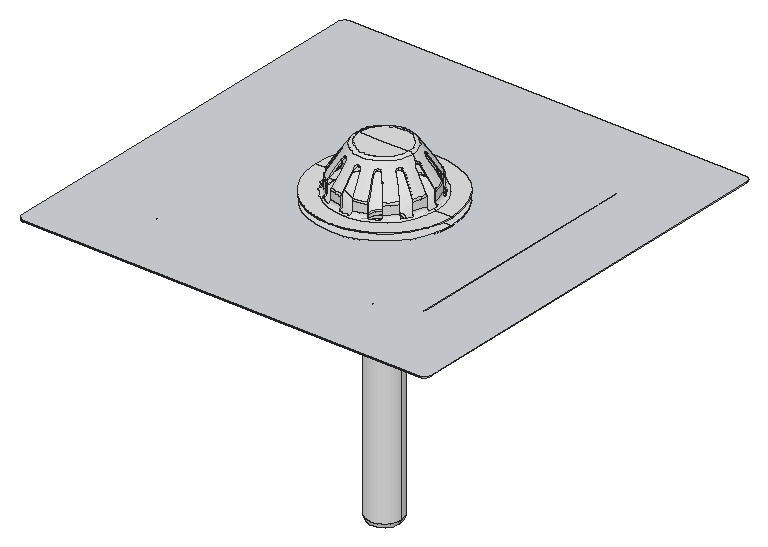
Revit family "Blucher_PlumbingFixture_GravityRoofDrain_403.10a", category Plumbing Fixtures, host Face, Revit 2017
Family settings
  Host = Face
  Round Connector Dimension = Use Diameter
  Part Type = Normal
  OmniClass Number = 23.70.50.21.24
  OmniClass Title = Waste Water Drains
  Cut with Voids When Loaded = No
  Shared = No
  Room Calculation Point = No
Parameters (values of type "50mm")
  _BSBibleVersion = 15
  _DistributedBy = "www.bimstore.co.uk"
  _CurrentRevision = 1
  _CreatedBy = "www.bimstore.co.uk"
  _BimSpecGuid = 0
  _Author = "Ian Holmes"
  WarrantyStartDate [instance] = "Please record on commissioning."
  WarrantyGuarantorParts = "mail@blucher.com"
  WarrantyGuarantorLabor = "n/a"
  WarrantyDurationUnit = "Years"
  WarrantyDurationParts = "n/a"
  WarrantyDurationLabor = "n/a"
  WarrantyDescription = "n/a"
  URL = "http://www.blucher.com/"
  TypeName = Type Comments  # "403.050"
  Type Comments = "403.050"
  PressureDrop [instance] = 0.0 Pa
  PipeMinimumHeight [instance] = PipeMaximumHeight - PipeAdjustment  # 195 mm
  PipeMaximumHeight [instance] = if(PipeLength495, 495 mm, 695 mm)  # 495 mm
  PipeLength695 [instance] = not(PipeLength495)  # no
  PipeLength495 [instance] = yes
  PipeAdjustment = 300 mm  # constant formula
  MembrainThickness [instance] = 0.8 mm
  MembrainMaterial [instance] = none
  Membrain = yes
  HeightConstraint [instance] = if(HeightAdjustment < PipeMinimumHeight, PipeMinimumHeight, if(HeightAdjustment > PipeMaximumHeight, PipeMaximumHeight, HeightAdjustment))  # 495 mm
  HeightAdjustment [instance] = 495 mm
  Flow_Sewer [instance] = 0.0 L/s
  Flow [instance] = 0.0 L/s
  DrainMaterial = Blucher_Stainless Steel
  Description = "Roof drain with flange for bitumen and pre-mounted bitumen collar."
  SpareParts = "n/a"
  Size = "400mm x 400mm x 50mm"
  Shape = "Rectangular"
  SerialNumber [instance] = "Please record on commissioning."
  ReplacementCost = "n/a"
  ReferencedStandard = "EN1253"
  ProductionYear = "2017"
  NominalLength = 400 mm
  NominalHeight [instance] = HeightConstraint  # 495 mm
  NominalDepth = 400 mm
  NBSReference = "90-10-20/302"
  NBSOfficeMasterTag = "n/a"
  NBSObjectName = "BLÜCHER - Gravity rainwater outlets"
  NBSNote = ""
  NBSDescription = "Gravity rainwater outlets"
  ModelReference = Model  # "BLÜCHER Gravity Roof Drain"
  ModelNumber [instance] = if(and(PipeLength495, D = 50 mm), "403.104.050", if(and(PipeLength495, D = 75 mm), "403.104.075", if(and(PipeLength495, D = 110 mm), "403.104.110", if(and(PipeLength695, D = 50 mm), "403.106.050", if(and(PipeLength695, D = 75 mm), "403.106.075", if(and(PipeLength695, D = 110 mm), "403.106.110", "n/a"))))))  # "403.104.050"
  Model = "BLÜCHER Gravity Roof Drain"
  Material = "Available in Stainless Steel AISI 304 & Stainless Steel AISI 316L"
  ManufacturerName = "BLÜCHER"
  Manufacturer = "BLÜCHER"
  Keynote = "R10"
  InstallationDate [instance] = "Please record on commissioning."
  IfcExportType = "IfcWasteTerminalTypeEnum.FLOORWASTE"
  IfcExportAs = "IfcFlowTerminal"
  Grade = "AISI 304/EN 1.4301 or AISI 316L/EN 1.4404"
  Finish = "2B - Pickled"
  Features = "n/a"
  ExpectedLife = 50
  DurationUnit = "Years"
  DocumentationTechnical = "https://www.bimstore.co/products/roof-drain-gravity-403-10/document/technical-data-sheet"
  DocumentationMaintenance = "https://www.bimstore.co/products/roof-drain-gravity-403-10/document/maintenance-information"
  DocumentationLiterature = "https://www.bimstore.co/products/roof-drain-gravity-403-10/document/product-literature"
  DocumentationInstallationGuide = "https://www.bimstore.co/products/roof-drain-gravity-403-10/document/installation-guide"
  DocumentationCertificates = "https://www.bimstore.co/products/roof-drain-gravity-403-10/document/product-certificates"
  Default Elevation = 1219.2 mm
  D = 50 mm
  CreatedOn = "2017-11-07-T00:00:00"
  CreatedBy = "mail@blucher.com"
  Constituents = "n/a"
  Color = "Stainless Steel"
  CodePerformance = "n/a"
  ClassificationValue = "Pr_65_50_35_37"
  ClassificationName = "Uniclass2015"
  BarCode [instance] = "Please record on commissioning."
  BIMObjectName = "Blucher_PlumbingFixture_GravityRoofDrain_403.10"
  AssetType = "Fixed"
  AssetIdentifier [instance] = "Please record on commissioning."
  Assembly Code = "D2040200"
  AccessibilityPerformance = "n/a"
Types (4, lengths in mm): name | TypeName | Type Comments | Size | ModelNumber | D
  (no name) | "403.050" | "403.050" | "400mm x 400mm x 50mm" | "403.104.050" | 50
  50mm | "403.050" | "403.050" | "400mm x 400mm x 50mm" | "403.104.050" | 50
  75mm | "403.075" | "403.075" | "400mm x 400mm x 75mm" | "403.104.075" | 75
  110mm | "403.110" | "403.110" | "400mm x 400mm x 75mm" | "403.104.075" | 75
Reference planes
  plane 1 "Center (Front/Back)": y = 0
  plane 2: z = 0
  plane 3 "Center (Left/Right)": x = 0
  plane 4: z = 12
  plane 5: z = -418
  plane 6: z = 77
  plane 7: z = -30
  plane 8: z = 1
Forms (mm)
  Extrusion 1, void
    sketch origin (0, 0, 0) x (1, 0, 0) y (0, 1, 0)
      loop
        circle (0, 0) r 100
    from -418 to 77
Lines and regions (mm)
  reference lines
    curve 1: line (0, 0, 0) -> (0, 0, -418)
Dimensions and locks
  locked: plane 4 to plane 2 at 12
  locked: plane 6 to plane 4 at 65
  "HeightConstraint": plane 6 to plane 5
  locked: plane 2 to plane 7 at 30
  locked: plane 8 to plane 2 at 1
  aligned and locked: plane 2 to host face
  aligned and locked: level to host face
  aligned and locked: plane 1 "Center (Front/Back)" to nested 2
  aligned and locked: plane 3 "Center (Left/Right)" to nested 2
  aligned and locked: plane 3 "Center (Left/Right)" to nested 3
  aligned and locked: plane 1 "Center (Front/Back)" to nested 3
  aligned and locked: plane 1 "Center (Front/Back)" to nested 4
  aligned and locked: plane 3 "Center (Left/Right)" to nested 4
  aligned and locked: nested 4 to plane 5
  aligned and locked: plane 1 "Center (Front/Back)" to nested 5
  aligned and locked: plane 3 "Center (Left/Right)" to nested 5
  aligned and locked: plane 6 to Extrusion 1
  aligned and locked: Extrusion 1 to plane 5
  aligned and locked: plane 5 to curve 1
  aligned and locked: plane 2 to curve 1
  aligned and locked: curve 1 to plane 3 "Center (Left/Right)"
Automatic sketch dimensions
  host sketch curve to host sketch curve = 2438.4 mm  (x2)
  plane 1 "Center (Front/Back)" to Extrusion 1 sketch curve = 0 mm
  Extrusion 1 sketch curve to plane 3 "Center (Left/Right)" = 0 mm
  radius of Extrusion 1 sketch curve = 100 mm
Nested families
  nested 1: "WaterTraps_NotVisable" at (-1080.773, -1219.2, -89.9) x (1, 0, 0) z (0, -1, 0), type "WaterTraps_NotVisable"
  nested 2: "Flange_401.004" at (0, 0, 1), Membrain <- "Membrain", MembrainMaterial <- "MembrainMaterial", MembrainThickness <- "MembrainThickness", type "Flange_401.004"
    with MembrainThickness 0.8 mm, MembrainMaterial none, Membrain yes
  nested 3: "LeafGuard_400.000.001" at (0, 0, 12), type "LeafGuard_400.000.001"
  nested 4: "Pipe" at (0, 0, -30), NominalDiameter <- "D", type "Pipe"
    with TopOffset 3 mm, SocketExternalDiameter 53 mm, NominalDiameter 50 mm, Lip 10 mm, HeadLength 47 mm, H 388 mm
  nested 5: "SiphonicPlate_400.000.100" at (0, 0, 1), D <- "D", type "SiphonicPlate_400.000.100"
    with D 50 mm
Connectors
  piping at (0, 0, -418), diameter 50, driven by "D", driven by "Flow", driven by "PressureDrop"
    settings: on curve 1, index 1, connector inside diameter 609.6 mm, connector length 0 mm, flow factor 0, pipe flow 0.0 L/s, pressure drop 0.0 Pa, fitting loss kfactor 0, connector angle 0.00°, fixture units 0, engagement length 0 mm, angle of deflection 0.00°, flow configuration 2, flow direction 2, fitting loss method 4, system type 16, joint type 0, gender type 0, connector reference index -1, connector utility 0, adjustable connector yes, is connector primary yes, connector description ""
Definition of nested family "Flange_401.004"
  Parameters (values of type "Flange_401.004")
    PlateMaterial = none
    MembrainThickness [instance] = 0.8 mm
    MembrainMaterial [instance] = none
    Membrain [instance] = yes
    Default Elevation = 0 mm
  Reference planes
    plane 1 "Center (Front/Back)": y = 0
    plane 2: z = 0
    plane 3 "Center (Left/Right)": x = 0
    plane 4: z = 0.8
  Forms (mm)
    Extrusion 1, solid
      sketch origin (0, 0, 0) x (1, 0, 0) y (0, 1, 0)
        loop
          line (-1219.2, 1219.2) -> (-1219.2, -1219.2) -> (1219.2, -1219.2) -> (1219.2, 1219.2) -> (-1219.2, 1219.2)
      from 0 to -304.8
    Extrusion 2, solid, material <- "PlateMaterial"
      sketch origin (0, 0, 0) x (1, 0, 0) y (0, 1, 0)
        loop
          line (-200, 172.929) -> (-200, -172.929)
          arc (-200, -172.929) -> (-199.619, -174.842) -> (-198.536, -176.464) r 5
          line (-198.536, -176.464) -> (-176.464, -198.536)
          arc (-176.464, -198.536) -> (-174.842, -199.619) -> (-172.929, -200) r 5
          line (-172.929, -200) -> (172.929, -200)
          arc (172.929, -200) -> (174.842, -199.619) -> (176.464, -198.536) r 5
          line (176.464, -198.536) -> (198.536, -176.464)
          arc (198.536, -176.464) -> (199.619, -174.842) -> (200, -172.929) r 5
          line (200, -172.929) -> (200, 172.929)
          arc (200, 172.929) -> (199.619, 174.842) -> (198.536, 176.464) r 5
          line (198.536, 176.464) -> (176.464, 198.536)
          arc (176.464, 198.536) -> (174.842, 199.619) -> (172.929, 200) r 5
          line (172.929, 200) -> (-172.929, 200)
          arc (-172.929, 200) -> (-174.842, 199.619) -> (-176.464, 198.536) r 5
          line (-176.464, 198.536) -> (-198.536, 176.464)
          arc (-198.536, 176.464) -> (-199.619, 174.842) -> (-200, 172.929) r 5
        loop
          circle (0, 0) r 100
      from -1 to 0
    Extrusion 3, solid, material <- "MembrainMaterial", visible <- "Membrain"
      sketch origin (0, 0, 0) x (1, 0, 0) y (0, 1, 0)
        loop
          line (290, 300) -> (-290, 300)
          arc (-290, 300) -> (-297.071, 297.071) -> (-300, 290) r 10
          line (-300, 290) -> (-300, -290)
          arc (-300, -290) -> (-297.071, -297.071) -> (-290, -300) r 10
          line (-290, -300) -> (290, -300)
          arc (290, -300) -> (297.071, -297.071) -> (300, -290) r 10
          line (300, -290) -> (300, 290)
          arc (300, 290) -> (297.071, 297.071) -> (290, 300) r 10
        loop
          circle (0, 0) r 100
      from 0 to 0.8
  Dimensions and locks
    "MembrainThickness": plane 4 to plane 2
    aligned and locked: plane 2 to Extrusion 1
    aligned and locked: level to Extrusion 1
    aligned and locked: Extrusion 3 to plane 4
  Automatic sketch dimensions
    Extrusion 1 sketch curve to Extrusion 1 sketch curve = 2438.4 mm  (x2)
    plane 1 "Center (Front/Back)" to Extrusion 2 sketch curve = 0 mm
    Extrusion 2 sketch curve to plane 3 "Center (Left/Right)" = 0 mm
    Extrusion 2 sketch curve to Extrusion 2 sketch curve = 3.536 mm  (x10)
    Extrusion 2 sketch curve to Extrusion 2 sketch curve = 1.464 mm  (x3)
    plane 1 "Center (Front/Back)" to Extrusion 3 sketch curve = 0 mm
    Extrusion 3 sketch curve to plane 3 "Center (Left/Right)" = 0 mm
    Extrusion 3 sketch curve to Extrusion 3 sketch curve = 10 mm  (x3)
    Extrusion 3 sketch curve to plane 3 "Center (Left/Right)" = 290 mm
    plane 3 "Center (Left/Right)" to Extrusion 3 sketch curve = 290 mm  (x2)
    plane 1 "Center (Front/Back)" to Extrusion 3 sketch curve = 290 mm
    Extrusion 3 sketch curve to plane 1 "Center (Front/Back)" = 290 mm
    Extrusion 2 sketch curve to Extrusion 2 sketch curve = 22.071 mm  (x5)
    Extrusion 2 sketch curve to Extrusion 2 sketch curve = 5 mm  (x2)
    Extrusion 2 sketch curve to Extrusion 2 sketch curve = 27.071 mm
    Extrusion 2 sketch curve to plane 3 "Center (Left/Right)" = 172.929 mm
    Extrusion 2 sketch curve to Extrusion 2 sketch curve = 25.607 mm
    plane 3 "Center (Left/Right)" to Extrusion 2 sketch curve = 172.929 mm  (x2)
    plane 1 "Center (Front/Back)" to Extrusion 2 sketch curve = 172.929 mm  (x2)
    Extrusion 2 sketch curve to plane 1 "Center (Front/Back)" = 172.929 mm
    radius of Extrusion 2 sketch curve = 100 mm
    radius of Extrusion 3 sketch curve = 100 mm
Definition of nested family "LeafGuard_400.000.001"
  Parameters (values of type "LeafGuard_400.000.001")
    LeafGuardMaterial = none
    Default Elevation = 0 mm
  Reference planes
    plane 1 "Center (Front/Back)": y = 0
    plane 2: z = 0
    plane 3 "Center (Left/Right)": x = 0
  Forms (mm)
    Extrusion 1, solid
      sketch origin (0, 0, 0) x (1, 0, 0) y (0, 1, 0)
        loop
          line (-1219.2, 1219.2) -> (-1219.2, -1219.2) -> (1219.2, -1219.2) -> (1219.2, 1219.2) -> (-1219.2, 1219.2)
      from 0 to -304.8
    Revolve 2, solid, material <- "LeafGuardMaterial"
      sketch origin (0, 0, -12) x (1, 0, 0) y (0, 0, 1)
        loop
          arc (-75.403, 12) -> (-70.468, 14.379) -> (-68.467, 19.479) r 7.5
          line (-68.467, 19.479) -> (-68.467, 31.783)
          arc (-68.467, 31.783) -> (-68.287, 32.969) -> (-67.763, 34.048) r 4
          line (-67.763, 34.048) -> (-40.571, 73.615)
          arc (-40.571, 73.615) -> (-38.599, 75.367) -> (-36.038, 76) r 5.5
          line (-36.038, 76) -> (0, 76) -> (0, 77) -> (-36.038, 77)
          arc (-36.038, 77) -> (-39.064, 76.252) -> (-41.395, 74.182) r 6.5
          line (-41.395, 74.182) -> (-68.588, 34.615)
          arc (-68.588, 34.615) -> (-69.242, 33.265) -> (-69.467, 31.783) r 5
          line (-69.467, 31.783) -> (-69.467, 19.479)
          arc (-69.467, 19.479) -> (-71.371, 14.883) -> (-75.967, 12.979) r 6.5
          line (-75.967, 12.979) -> (-100, 12.979) -> (-100, 12) -> (-75.403, 12)
        axis (0, 77) -> (0, 12)
      angle from 0 to 360
    Extrusion 3, void
      sketch origin (0, 0, 0) x (1, 0, 0) y (0, 1, 0)
        loop
          arc (5.168, -50.096) -> (4.044, -47.956) -> (1.893, -46.854) r 4
          arc (1.893, -46.854) -> (0.008, -46.696) -> (-1.877, -46.851) r 11.414
          arc (-1.877, -46.851) -> (-4.04, -47.957) -> (-5.17, -50.107) r 4.015
          line (-5.17, -50.107) -> (-8.432, -68.403)
          arc (-8.432, -68.403) -> (-8.548, -69.278) -> (-8.587, -70.159) r 10
          line (-8.587, -70.159) -> (-8.587, -71.277)
          arc (-8.587, -71.277) -> (-8.264, -72.113) -> (-7.463, -72.516) r 1.245
          arc (-7.463, -72.516) -> (0, -72.878) -> (7.464, -72.515) r 77.106
          arc (7.464, -72.515) -> (8.265, -72.113) -> (8.587, -71.277) r 1.244
          line (8.587, -71.277) -> (8.587, -70.159)
          arc (8.587, -70.159) -> (8.548, -69.278) -> (8.432, -68.403) r 10
          line (8.432, -68.403) -> (5.168, -50.096)
      from 1 to 71.093
    Extrusion 4, void
      sketch origin (0, 0, 0) x (0, -1, 0) y (1, 0, 0)
        loop
          line (5.168, 50.096) -> (8.432, 68.403)
          arc (8.432, 68.403) -> (8.548, 69.278) -> (8.587, 70.159) r 10
          line (8.587, 70.159) -> (8.587, 71.277)
          arc (8.587, 71.277) -> (8.265, 72.113) -> (7.464, 72.515) r 1.244
          arc (7.464, 72.515) -> (0, 72.878) -> (-7.463, 72.516) r 77.106
          arc (-7.463, 72.516) -> (-8.264, 72.113) -> (-8.587, 71.277) r 1.245
          line (-8.587, 71.277) -> (-8.587, 70.159)
          arc (-8.587, 70.159) -> (-8.548, 69.278) -> (-8.432, 68.403) r 10
          line (-8.432, 68.403) -> (-5.17, 50.107)
          arc (-5.17, 50.107) -> (-4.04, 47.957) -> (-1.877, 46.851) r 4.015
          arc (-1.877, 46.851) -> (0.008, 46.696) -> (1.893, 46.854) r 11.414
          arc (1.893, 46.854) -> (4.044, 47.956) -> (5.168, 50.096) r 4
      from 1 to 71.093
    Extrusion 5, void
      sketch origin (0, 0, 0) x (0, -1, 0) y (1, 0, 0)
        loop
          arc (5.168, -50.096) -> (4.044, -47.956) -> (1.893, -46.854) r 4
          arc (1.893, -46.854) -> (0.008, -46.696) -> (-1.877, -46.851) r 11.414
          arc (-1.877, -46.851) -> (-4.04, -47.957) -> (-5.17, -50.107) r 4.015
          line (-5.17, -50.107) -> (-8.432, -68.403)
          arc (-8.432, -68.403) -> (-8.548, -69.278) -> (-8.587, -70.159) r 10
          line (-8.587, -70.159) -> (-8.587, -71.277)
          arc (-8.587, -71.277) -> (-8.264, -72.113) -> (-7.463, -72.516) r 1.245
          arc (-7.463, -72.516) -> (0, -72.878) -> (7.464, -72.515) r 77.106
          arc (7.464, -72.515) -> (8.265, -72.113) -> (8.587, -71.277) r 1.244
          line (8.587, -71.277) -> (8.587, -70.159)
          arc (8.587, -70.159) -> (8.548, -69.278) -> (8.432, -68.403) r 10
          line (8.432, -68.403) -> (5.168, -50.096)
      from 1 to 71.093
    Extrusion 6, void
      sketch origin (0, 0, 0) x (1, 0, 0) y (0, 1, 0)
        loop
          line (5.168, 50.096) -> (8.432, 68.403)
          arc (8.432, 68.403) -> (8.548, 69.278) -> (8.587, 70.159) r 10
          line (8.587, 70.159) -> (8.587, 71.277)
          arc (8.587, 71.277) -> (8.265, 72.113) -> (7.464, 72.515) r 1.244
          arc (7.464, 72.515) -> (0, 72.878) -> (-7.463, 72.516) r 77.106
          arc (-7.463, 72.516) -> (-8.264, 72.113) -> (-8.587, 71.277) r 1.245
          line (-8.587, 71.277) -> (-8.587, 70.159)
          arc (-8.587, 70.159) -> (-8.548, 69.278) -> (-8.432, 68.403) r 10
          line (-8.432, 68.403) -> (-5.17, 50.107)
          arc (-5.17, 50.107) -> (-4.04, 47.957) -> (-1.877, 46.851) r 4.015
          arc (-1.877, 46.851) -> (0.008, 46.696) -> (1.893, 46.854) r 11.414
          arc (1.893, 46.854) -> (4.044, 47.956) -> (5.168, 50.096) r 4
      from 1 to 71.093
    Extrusion 7, void
      sketch origin (0, 0, 0) x (-0.5, 0.866025, 0) y (-0.866025, -0.5, 0)
        loop
          line (5.168, 50.096) -> (8.432, 68.403)
          arc (8.432, 68.403) -> (8.548, 69.278) -> (8.587, 70.159) r 10
          line (8.587, 70.159) -> (8.587, 71.277)
          arc (8.587, 71.277) -> (8.265, 72.113) -> (7.464, 72.515) r 1.244
          arc (7.464, 72.515) -> (0, 72.878) -> (-7.463, 72.516) r 77.106
          arc (-7.463, 72.516) -> (-8.264, 72.113) -> (-8.587, 71.277) r 1.245
          line (-8.587, 71.277) -> (-8.587, 70.159)
          arc (-8.587, 70.159) -> (-8.548, 69.278) -> (-8.432, 68.403) r 10
          line (-8.432, 68.403) -> (-5.17, 50.107)
          arc (-5.17, 50.107) -> (-4.04, 47.957) -> (-1.877, 46.851) r 4.015
          arc (-1.877, 46.851) -> (0.008, 46.696) -> (1.893, 46.854) r 11.414
          arc (1.893, 46.854) -> (4.044, 47.956) -> (5.168, 50.096) r 4
      from 1 to 71.093
    Extrusion 8, void
      sketch origin (0, 0, 0) x (-0.5, 0.866025, 0) y (-0.866025, -0.5, 0)
        loop
          arc (5.168, -50.096) -> (4.044, -47.956) -> (1.893, -46.854) r 4
          arc (1.893, -46.854) -> (0.008, -46.696) -> (-1.877, -46.851) r 11.414
          arc (-1.877, -46.851) -> (-4.04, -47.957) -> (-5.17, -50.107) r 4.015
          line (-5.17, -50.107) -> (-8.432, -68.403)
          arc (-8.432, -68.403) -> (-8.548, -69.278) -> (-8.587, -70.159) r 10
          line (-8.587, -70.159) -> (-8.587, -71.277)
          arc (-8.587, -71.277) -> (-8.264, -72.113) -> (-7.463, -72.516) r 1.245
          arc (-7.463, -72.516) -> (0, -72.878) -> (7.464, -72.515) r 77.106
          arc (7.464, -72.515) -> (8.265, -72.113) -> (8.587, -71.277) r 1.244
          line (8.587, -71.277) -> (8.587, -70.159)
          arc (8.587, -70.159) -> (8.548, -69.278) -> (8.432, -68.403) r 10
          line (8.432, -68.403) -> (5.168, -50.096)
      from 1 to 71.093
    Extrusion 9, void
      sketch origin (0, 0, 0) x (-0.5, -0.866025, 0) y (0.866025, -0.5, 0)
        loop
          arc (5.168, -50.096) -> (4.044, -47.956) -> (1.893, -46.854) r 4
          arc (1.893, -46.854) -> (0.008, -46.696) -> (-1.877, -46.851) r 11.414
          arc (-1.877, -46.851) -> (-4.04, -47.957) -> (-5.17, -50.107) r 4.015
          line (-5.17, -50.107) -> (-8.432, -68.403)
          arc (-8.432, -68.403) -> (-8.548, -69.278) -> (-8.587, -70.159) r 10
          line (-8.587, -70.159) -> (-8.587, -71.277)
          arc (-8.587, -71.277) -> (-8.264, -72.113) -> (-7.463, -72.516) r 1.245
          arc (-7.463, -72.516) -> (0, -72.878) -> (7.464, -72.515) r 77.106
          arc (7.464, -72.515) -> (8.265, -72.113) -> (8.587, -71.277) r 1.244
          line (8.587, -71.277) -> (8.587, -70.159)
          arc (8.587, -70.159) -> (8.548, -69.278) -> (8.432, -68.403) r 10
          line (8.432, -68.403) -> (5.168, -50.096)
      from 1 to 71.093
    Extrusion 10, void
      sketch origin (0, 0, 0) x (-0.5, -0.866025, 0) y (0.866025, -0.5, 0)
        loop
          line (5.168, 50.096) -> (8.432, 68.403)
          arc (8.432, 68.403) -> (8.548, 69.278) -> (8.587, 70.159) r 10
          line (8.587, 70.159) -> (8.587, 71.277)
          arc (8.587, 71.277) -> (8.265, 72.113) -> (7.464, 72.515) r 1.244
          arc (7.464, 72.515) -> (0, 72.878) -> (-7.463, 72.516) r 77.106
          arc (-7.463, 72.516) -> (-8.264, 72.113) -> (-8.587, 71.277) r 1.245
          line (-8.587, 71.277) -> (-8.587, 70.159)
          arc (-8.587, 70.159) -> (-8.548, 69.278) -> (-8.432, 68.403) r 10
          line (-8.432, 68.403) -> (-5.17, 50.107)
          arc (-5.17, 50.107) -> (-4.04, 47.957) -> (-1.877, 46.851) r 4.015
          arc (-1.877, 46.851) -> (0.008, 46.696) -> (1.893, 46.854) r 11.414
          arc (1.893, 46.854) -> (4.044, 47.956) -> (5.168, 50.096) r 4
      from 1 to 71.093
    Extrusion 11, void
      sketch origin (0, 0, 0) x (-0.866025, 0.5, 0) y (-0.5, -0.866025, 0)
        loop
          line (5.168, 50.096) -> (8.432, 68.403)
          arc (8.432, 68.403) -> (8.548, 69.278) -> (8.587, 70.159) r 10
          line (8.587, 70.159) -> (8.587, 71.277)
          arc (8.587, 71.277) -> (8.265, 72.113) -> (7.464, 72.515) r 1.244
          arc (7.464, 72.515) -> (0, 72.878) -> (-7.463, 72.516) r 77.106
          arc (-7.463, 72.516) -> (-8.264, 72.113) -> (-8.587, 71.277) r 1.245
          line (-8.587, 71.277) -> (-8.587, 70.159)
          arc (-8.587, 70.159) -> (-8.548, 69.278) -> (-8.432, 68.403) r 10
          line (-8.432, 68.403) -> (-5.17, 50.107)
          arc (-5.17, 50.107) -> (-4.04, 47.957) -> (-1.877, 46.851) r 4.015
          arc (-1.877, 46.851) -> (0.008, 46.696) -> (1.893, 46.854) r 11.414
          arc (1.893, 46.854) -> (4.044, 47.956) -> (5.168, 50.096) r 4
      from 1 to 71.093
    Extrusion 12, void
      sketch origin (0, 0, 0) x (-0.866025, 0.5, 0) y (-0.5, -0.866025, 0)
        loop
          arc (5.168, -50.096) -> (4.044, -47.956) -> (1.893, -46.854) r 4
          arc (1.893, -46.854) -> (0.008, -46.696) -> (-1.877, -46.851) r 11.414
          arc (-1.877, -46.851) -> (-4.04, -47.957) -> (-5.17, -50.107) r 4.015
          line (-5.17, -50.107) -> (-8.432, -68.403)
          arc (-8.432, -68.403) -> (-8.548, -69.278) -> (-8.587, -70.159) r 10
          line (-8.587, -70.159) -> (-8.587, -71.277)
          arc (-8.587, -71.277) -> (-8.264, -72.113) -> (-7.463, -72.516) r 1.245
          arc (-7.463, -72.516) -> (0, -72.878) -> (7.464, -72.515) r 77.106
          arc (7.464, -72.515) -> (8.265, -72.113) -> (8.587, -71.277) r 1.244
          line (8.587, -71.277) -> (8.587, -70.159)
          arc (8.587, -70.159) -> (8.548, -69.278) -> (8.432, -68.403) r 10
          line (8.432, -68.403) -> (5.168, -50.096)
      from 1 to 71.093
    Extrusion 13, void
      sketch origin (0, 0, 0) x (0.866025, 0.5, 0) y (-0.5, 0.866025, 0)
        loop
          arc (5.168, -50.096) -> (4.044, -47.956) -> (1.893, -46.854) r 4
          arc (1.893, -46.854) -> (0.008, -46.696) -> (-1.877, -46.851) r 11.414
          arc (-1.877, -46.851) -> (-4.04, -47.957) -> (-5.17, -50.107) r 4.015
          line (-5.17, -50.107) -> (-8.432, -68.403)
          arc (-8.432, -68.403) -> (-8.548, -69.278) -> (-8.587, -70.159) r 10
          line (-8.587, -70.159) -> (-8.587, -71.277)
          arc (-8.587, -71.277) -> (-8.264, -72.113) -> (-7.463, -72.516) r 1.245
          arc (-7.463, -72.516) -> (0, -72.878) -> (7.464, -72.515) r 77.106
          arc (7.464, -72.515) -> (8.265, -72.113) -> (8.587, -71.277) r 1.244
          line (8.587, -71.277) -> (8.587, -70.159)
          arc (8.587, -70.159) -> (8.548, -69.278) -> (8.432, -68.403) r 10
          line (8.432, -68.403) -> (5.168, -50.096)
      from 1 to 71.093
    Extrusion 14, void
      sketch origin (0, 0, 0) x (0.866025, 0.5, 0) y (-0.5, 0.866025, 0)
        loop
          line (5.168, 50.096) -> (8.432, 68.403)
          arc (8.432, 68.403) -> (8.548, 69.278) -> (8.587, 70.159) r 10
          line (8.587, 70.159) -> (8.587, 71.277)
          arc (8.587, 71.277) -> (8.265, 72.113) -> (7.464, 72.515) r 1.244
          arc (7.464, 72.515) -> (0, 72.878) -> (-7.463, 72.516) r 77.106
          arc (-7.463, 72.516) -> (-8.264, 72.113) -> (-8.587, 71.277) r 1.245
          line (-8.587, 71.277) -> (-8.587, 70.159)
          arc (-8.587, 70.159) -> (-8.548, 69.278) -> (-8.432, 68.403) r 10
          line (-8.432, 68.403) -> (-5.17, 50.107)
          arc (-5.17, 50.107) -> (-4.04, 47.957) -> (-1.877, 46.851) r 4.015
          arc (-1.877, 46.851) -> (0.008, 46.696) -> (1.893, 46.854) r 11.414
          arc (1.893, 46.854) -> (4.044, 47.956) -> (5.168, 50.096) r 4
      from 1 to 71.093
  Cuts and joins
    Extrusion 3, Extrusion 4, Extrusion 5, Extrusion 6, Extrusion 7, Extrusion 8, Extrusion 9, Extrusion 10, Extrusion 11, Extrusion 12, Extrusion 13, Extrusion 14 cuts Revolve 2
  Dimensions and locks
    aligned and locked: plane 2 to Extrusion 1
    aligned and locked: level to Extrusion 1
Definition of nested family "Pipe"
  Parameters (values of type "Pipe")
    TopOffset [instance] = if(NominalDiameter = 40 mm, 4 mm, if(NominalDiameter = 50 mm, 3 mm, if(NominalDiameter = 75 mm, 4 mm, 5 mm)))  # 4 mm
    T = 1 mm
    SocketExternalDiameter [instance] = NominalDiameter + 3 mm  # 43 mm
    PipeMaterial = none
    NominalDiameter [instance] = 40 mm
    Lip [instance] = if(NominalDiameter = 40 mm, 10 mm, if(NominalDiameter = 50 mm, 10 mm, if(NominalDiameter = 75 mm, 10.5 mm, 12 mm)))  # 10 mm
    HeadLength [instance] = if(NominalDiameter = 40 mm, 46 mm, if(NominalDiameter = 50 mm, 47 mm, if(NominalDiameter = 75 mm, 55 mm, 62 mm)))  # 46 mm
    H [instance] = 502 mm
    Default Elevation = 0 mm
  Reference planes
    plane 1 "Center (Front/Back)": y = 0
    plane 2: z = 0
    plane 3 "Center (Left/Right)": x = 0
    plane 4: z = -46
    plane 5: z = -40.816
    plane 6: z = -14
    plane 7: z = -4
    plane 8: z = -502
    plane 9: x = 20
    plane 10: x = 21.5
    plane 11: x = -21.5
    plane 12: x = -20
    plane 13: x = -20.5
    plane 14: x = 20.5
    plane 15: x = 19
    plane 16: x = -19
    plane 17: x = 26.5
    plane 18: x = 25.5
    plane 19: z = -13
    plane 20: z = -5
    plane 21: z = -496.506
    plane 22: x = 18.01
  Forms (mm)
    Extrusion 1, solid
      sketch origin (0, 0, 0) x (1, 0, 0) y (0, 1, 0)
        loop
          line (-1219.2, 1219.2) -> (-1219.2, -1219.2) -> (1219.2, -1219.2) -> (1219.2, 1219.2) -> (-1219.2, 1219.2)
      from 0 to -304.8
    Revolve 2, solid, material <- "PipeMaterial"
      sketch origin (0, 0, 0) x (1, 0, 0) y (0, 0, 1)
        loop
          line (21.5, 0) -> (20.5, 0) -> (20.5, -2.452)
          arc (20.5, -2.452) -> (21.246, -4.254) -> (23.048, -5) r 2.548
          line (23.048, -5) -> (24, -5)
          arc (24, -5) -> (25.061, -5.439) -> (25.5, -6.5) r 1.5
          line (25.5, -6.5) -> (25.5, -11.527)
          arc (25.5, -11.527) -> (25.069, -12.569) -> (24.027, -13) r 1.473
          line (24.027, -13) -> (23, -13)
          arc (23, -13) -> (21.232, -13.732) -> (20.5, -15.5) r 2.5
          line (20.5, -15.5) -> (20.5, -40.674) -> (19, -45.858) -> (19, -496.329) -> (17.062, -501.655) -> (18.01, -502) -> (20, -496.506) -> (20, -46) -> (21.5, -40.816) -> (21.5, -15.5)
          arc (21.5, -15.5) -> (21.939, -14.439) -> (23, -14) r 1.5
          line (23, -14) -> (24.027, -14)
          arc (24.027, -14) -> (25.776, -13.276) -> (26.5, -11.527) r 2.473
          line (26.5, -11.527) -> (26.5, -6.5)
          arc (26.5, -6.5) -> (25.768, -4.732) -> (24, -4) r 2.5
          line (24, -4) -> (23.048, -4)
          arc (23.048, -4) -> (21.953, -3.547) -> (21.5, -2.452) r 1.548
          line (21.5, -2.452) -> (21.5, 0)
        axis (0, 0) -> (0, -502)
      angle from 0 to 360
  Dimensions and locks
    locked: plane 5 to plane 4 at 5.184
    "TopOffset": plane 2 to plane 7
    "Lip": plane 7 to plane 6
    "HeadLength": plane 2 to plane 4
    "H": plane 2 to plane 8
    "SocketExternalDiameter": plane 11 to plane 10
    equal spacing: plane 10, plane 3 "Center (Left/Right)", plane 11
    equal spacing: plane 9, plane 3 "Center (Left/Right)", plane 12
    "NominalDiameter": plane 9 to plane 12
    "T": plane 13 to plane 11
    "T": plane 14 to plane 10
    "T": plane 15 to plane 9
    "T": plane 16 to plane 12
    "T": plane 18 to plane 17
    locked: plane 10 to plane 17 at 5
    "T": Revolve 2 sketch curve to Revolve 2 sketch curve
    "T": plane 19 to plane 6
    "T": plane 7 to plane 20
    locked: plane 21 to plane 8 at 5.494
    locked: plane 22 to plane 9 at 1.99
    radius of Revolve 2 sketch curve = 1.5 mm  (x2)
    radius of Revolve 2 sketch curve = 2.548 mm
    radius of Revolve 2 sketch curve = 1.548 mm
    radius of Revolve 2 sketch curve = 2.5 mm  (x2)
    radius of Revolve 2 sketch curve = 1.473 mm
    radius of Revolve 2 sketch curve = 2.473 mm
    locked: Revolve 2 sketch curve to plane 8 (angle 20.00°)
    aligned and locked: plane 2 to Extrusion 1
    aligned and locked: level to Extrusion 1
    aligned and locked: plane 10 to Revolve 2 sketch curve
    aligned and locked: plane 14 to Revolve 2 sketch curve
    aligned and locked: plane 2 to Revolve 2 sketch curve
    aligned and locked: Revolve 2 sketch curve to plane 18
    aligned and locked: Revolve 2 sketch curve to plane 17
    aligned and locked: Revolve 2 sketch curve to plane 10
    aligned and locked: Revolve 2 sketch curve to plane 14
    aligned and locked: plane 4 to Revolve 2 sketch curve
    aligned and locked: plane 5 to Revolve 2 sketch curve
    aligned and locked: plane 9 to Revolve 2 sketch curve
    aligned and locked: plane 20 to Revolve 2 sketch curve
    aligned and locked: plane 7 to Revolve 2 sketch curve
    aligned and locked: plane 19 to Revolve 2 sketch curve
    aligned and locked: plane 6 to Revolve 2 sketch curve
    aligned and locked: plane 22 to Revolve 2 sketch curve
    aligned and locked: plane 8 to Revolve 2 sketch curve
    aligned and locked: plane 21 to Revolve 2 sketch curve
  Automatic sketch dimensions
    Extrusion 1 sketch curve to Extrusion 1 sketch curve = 2438.4 mm  (x2)
    Revolve 2 sketch curve to plane 3 "Center (Left/Right)" = 0 mm
    plane 15 to Revolve 2 sketch curve = 0 mm
    Revolve 2 sketch curve to plane 8 = 0.345 mm
    Revolve 2 sketch curve to plane 5 = 4.752 mm
    Revolve 2 sketch curve to Revolve 2 sketch curve = 13.208 mm
Definition of nested family "SiphonicPlate_400.000.100"
  Parameters (values of type "SiphonicPlate_400.000.100")
    PlateMaterial = none
    Default Elevation = 0 mm
    D [instance] = 75 mm
  Reference planes
    plane 1 "Center (Front/Back)": y = 0
    plane 2: z = 0
    plane 3 "Center (Left/Right)": x = 0
    plane 4: x = -36.5
    plane 5: x = -37.5
    plane 6: x = 36.5
    plane 7: x = 37.5
    plane 8: z = -33
    plane 9: x = -73.177
    plane 10: x = -100
  Forms (mm)
    Extrusion 1, solid
      sketch origin (0, 0, 0) x (1, 0, 0) y (0, 1, 0)
        loop
          line (-1219.2, 1219.2) -> (-1219.2, -1219.2) -> (1219.2, -1219.2) -> (1219.2, 1219.2) -> (-1219.2, 1219.2)
      from 0 to -304.8
    Revolve 2, solid, material <- "PlateMaterial"
      sketch origin (0, 0, 0) x (1, 0, 0) y (0, 0, 1)
        loop
          line (-37.5, -33) -> (-36.5, -33) -> (-36.5, -21.916)
          arc (-36.5, -21.916) -> (-36.762, -20.94) -> (-37.476, -20.225) r 1.952
          line (-37.476, -20.225) -> (-71.927, -0.335)
          arc (-71.927, -0.335) -> (-72.53, -0.085) -> (-73.177, 0) r 2.5
          line (-73.177, 0) -> (-100, 0) -> (-100, -1) -> (-73.177, -1)
          arc (-73.177, -1) -> (-72.788, -1.051) -> (-72.427, -1.201) r 1.5
          line (-72.427, -1.201) -> (-37.976, -21.091)
          arc (-37.976, -21.091) -> (-37.628, -21.44) -> (-37.5, -21.916) r 0.952
          line (-37.5, -21.916) -> (-37.5, -33)
        axis (0, 0) -> (0, -33)
      angle from 0 to 360
  Dimensions and locks
    locked: plane 5 to plane 4 at 1
    locked: plane 7 to plane 6 at 1
    equal spacing: plane 5, plane 3 "Center (Left/Right)", plane 7
    "D": plane 5 to plane 7
    locked: plane 2 to plane 8 at 33
    locked: plane 3 "Center (Left/Right)" to plane 9 at 73.177
    locked: plane 9 to plane 10 at 26.823
    radius of Revolve 2 sketch curve = 0.952 mm
    radius of Revolve 2 sketch curve = 1.952 mm
    radius of Revolve 2 sketch curve = 1.5 mm
    radius of Revolve 2 sketch curve = 2.5 mm
    locked: Revolve 2 sketch curve to plane 8 (angle 30.00°)  (x2)
    aligned and locked: plane 2 to Extrusion 1
    aligned and locked: level to Extrusion 1
    aligned and locked: Revolve 2 sketch curve to plane 5
    aligned and locked: Revolve 2 sketch curve to plane 4
    aligned and locked: plane 9 to Revolve 2 sketch curve  (x2)
    aligned and locked: Revolve 2 sketch curve to plane 10
    aligned and locked: plane 8 to Revolve 2 sketch curve
  Automatic sketch dimensions
    Extrusion 1 sketch curve to Extrusion 1 sketch curve = 2438.4 mm  (x2)
    Revolve 2 sketch curve to Revolve 2 sketch curve = 0 mm
    Revolve 2 sketch curve to level = 0 mm
    Revolve 2 sketch curve to plane 3 "Center (Left/Right)" = 0 mm
    Revolve 2 sketch curve to Revolve 2 sketch curve = 0.476 mm
    Revolve 2 sketch curve to level = 0.335 mm
    Revolve 2 sketch curve to Revolve 2 sketch curve = 0.5 mm
    Revolve 2 sketch curve to plane 5 = 0.024 mm
    Revolve 2 sketch curve to Revolve 2 sketch curve = 1.735 mm
    Revolve 2 sketch curve to Revolve 2 sketch curve = 17.922 mm
Definition of nested family "WaterTraps_NotVisable"
  Parameters (values of type "WaterTraps_NotVisable")
    WaterTrapMaterial [instance] = none
    Default Elevation = 1219.2 mm
  Reference planes
    plane 1 "Center (Front/Back)": y = 0
    plane 2: z = 0
    plane 3 "Center (Left/Right)": x = 0
  Forms (mm)
    Extrusion 1, solid
      sketch origin (0, 0, 0) x (1, 0, 0) y (0, 1, 0)
        loop
          line (-1219.2, 1219.2) -> (-1219.2, -1219.2) -> (1219.2, -1219.2) -> (1219.2, 1219.2) -> (-1219.2, 1219.2)
      from 0 to -304.8
  Dimensions and locks
    aligned and locked: plane 2 to Extrusion 1
    aligned and locked: level to Extrusion 1
